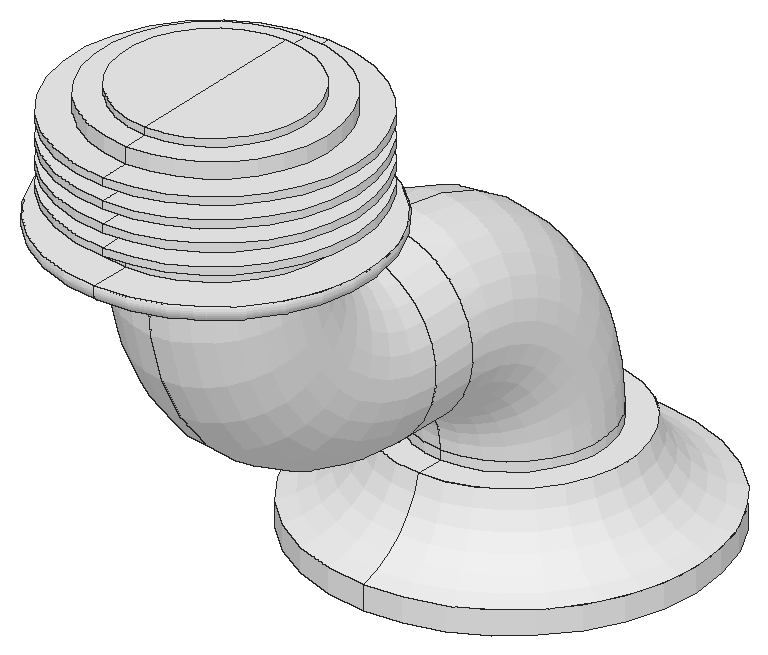
Revit family "Deca_Tubo de Ligação com Anel Expansor _1968.C.KID_Bacia Infantil", category Plumbing Fixtures, host Face, Revit 2010
Parameters (values of type "1968.C.KID_Cromado CR10")
  Válvula = Deca CR10 Cromado Metal
  Vendido Separadamente = ""
  Variações de COR = "Cromado (1968.C.KID); Branco (1968.E.KID.BR)"  # constant formula
  URL = "www.deca.com.br/produtos"
  Segmento = "Competitivo"  # constant formula
  Raio Entrada Agua Fria = 20 mm  # constant formula
  Produto = "Tubo de ligação com anel expansor pra bacia infantil"  # constant formula
  Peso Liquido (Kg) = 0.651
  Norma = "ABNT NBR 10283:2003"  # constant formula
  Model = "Código"  # constant formula
  Material = "Deca_Latão Cromado e Plástico de Engenharia"  # constant formula
  Manufacturer = "Deca"  # constant formula
  Louça/Metais = "Metal"  # constant formula
  Linha = "Tubo de ligação para bacia"  # constant formula
  Informações Complementares = "Possui restritor de  vazão constante 8 L/min."  # constant formula
  HWFU = 0
  Flow Pressure = 0.00 psi
  Diâmetro Entrada Agua Fria = Raio Entrada Agua Fria * 2  # 40 mm
  Description = "Tubo de ligação com anel expansor pra bacia infantil"  # constant formula
  Default Elevation = 250 mm
  Código = "1968.C.KID"
  Criado por = "Contino/quattroD"  # constant formula
  CWFU = 0
  Atendimento ao Cliente = "0800-0117073"  # constant formula
  Assembly Code = "D2020300"
  Aprovado por = "Contino/quattroD"  # constant formula
  Acompanha do Producto = ""
Types (3, lengths in mm): name | Válvula | Código
  (no name) | Deca CR10 Cromado Metal | "1968.C.KID"
  1968.C.KID_Cromado CR10 | Deca CR10 Cromado Metal | "1968.C.KID"
  1968.E.KID.BR_Branco BR16 | Deca BR16  Branco Metal | "1968.E.KID.BR"
Reference planes
  plane 1 "Center (Front/Back)": y = -7.837
  plane 2: z = 0
  plane 3 "Center (Left/Right)": x = 0
  plane 4 "Bottom 1": y = -64.233
  plane 5 "Front 1": z = 59.82
  plane 6 "Top 1": y = 12.163
  plane 7 "Right 1": x = 20
  plane 8 "Left 1": x = -20
Forms (mm)
  Revolve 1, solid, material "Deca CR10 Cromado Metal" <- "Válvula"
    sketch origin (0, 0, 0) x (0, 1, 0) y (0, 0, 1)
      loop
        arc (12.163, 2.5) -> (7.337, 5.174) -> (4.663, 10) r 10
        line (4.663, 10) -> (-7.837, 10) -> (-7.837, 0) -> (12.163, 0) -> (12.163, 2.5)
      axis (-7.837, 10) -> (-7.837, 0)
    angle from 0 to 360
  Sweep 2, solid, material "Deca CR10 Cromado Metal" <- "Válvula"
    path origin (0, 0, 0) x (0, 1, 0) y (0, 0, 1)
      loop
        line (1.681, 10) -> (1.681, 10.996)
        arc (1.681, 10.996) -> (-6.325, 29.592) -> (-25.336, 36.557) r 25.6
        line (-25.336, 36.557) -> (-30.05, 36.557)
        arc (-30.05, 36.557) -> (-35.693, 38.894) -> (-38.03, 44.536) r 7.979
        line (-38.03, 44.536) -> (-38.03, 45.62)
    profile origin (0, 1.681, 10.498) x (0, -1, 0) y (1, 0, 0)
      loop
        circle (9.521, 0) r 9.574
  Revolve 3, solid, material "Deca CR10 Cromado Metal" <- "Válvula"
    sketch origin (0, 0, 0) x (0, 1, 0) y (0, 0, 1)
      loop
        line (-31.442, 47.37) -> (-35.712, 47.37) -> (-35.712, 49.82) -> (-32.587, 49.82) -> (-32.587, 50.62) -> (-35.712, 50.62) -> (-35.712, 52.07) -> (-32.587, 52.07) -> (-32.587, 52.87) -> (-35.712, 52.87) -> (-35.712, 54.32) -> (-32.587, 54.32) -> (-32.587, 55.12) -> (-35.712, 55.12) -> (-35.712, 56.57) -> (-32.587, 56.57) -> (-32.587, 57.37) -> (-35.712, 57.37) -> (-35.712, 59.02) -> (-38.312, 59.02) -> (-38.312, 59.82) -> (-47.837, 59.82) -> (-47.837, 45.62) -> (-32.587, 45.62)
        arc (-32.587, 45.62) -> (-31.541, 46.185) -> (-31.442, 47.37) r 1.25
      axis (-47.837, 45.62) -> (-47.837, 59.82)
    angle from 0 to 360
Cuts and joins
  joined: Revolve 1, Sweep 2, Revolve 3
Lines and regions (mm)
  Masking region 1
    outline origin (0, 0, 0) x (1, 0, 0) y (0, 1, 0)
      loop
        arc (9.525, -25.423) -> (0, 12.163) -> (-9.525, -25.423) r 20
        line (-9.525, -25.423) -> (-9.525, -34.364)
        arc (-9.525, -34.364) -> (0, -64.337) -> (9.525, -34.364) r 16.5
        line (9.525, -34.364) -> (9.525, -25.423)
  Masking region 2
    outline origin (0, -7.837, 0) x (1, 0, 0) y (0, 0, 1)
      loop
        line (-9.525, 59.82) -> (-9.525, 59.02) -> (-12.125, 59.02) -> (-12.125, 57.37) -> (-15.25, 57.37) -> (-15.25, 56.57) -> (-12.125, 56.57) -> (-12.125, 55.12) -> (-15.25, 55.12) -> (-15.25, 54.32) -> (-12.125, 54.32) -> (-12.125, 52.87) -> (-15.25, 52.87) -> (-15.25, 52.07) -> (-12.125, 52.07) -> (-12.125, 50.62) -> (-15.25, 50.62) -> (-15.25, 49.82) -> (-12.125, 49.82) -> (-12.125, 47.37) -> (-16.396, 47.37)
        arc (-16.396, 47.37) -> (-16.296, 46.185) -> (-15.25, 45.62) r 1.25
        line (-15.25, 45.62) -> (-9.525, 45.62) -> (-9.525, 10) -> (-12.5, 10)
        arc (-12.5, 10) -> (-15.174, 5.174) -> (-20, 2.5) r 10
        line (-20, 2.5) -> (-20, 0) -> (20, 0) -> (20, 2.5)
        arc (20, 2.5) -> (15.174, 5.174) -> (12.5, 10) r 10
        line (12.5, 10) -> (9.525, 10) -> (9.525, 45.62) -> (15.25, 45.62)
        arc (15.25, 45.62) -> (16.296, 46.185) -> (16.396, 47.37) r 1.25
        line (16.396, 47.37) -> (12.125, 47.37) -> (12.125, 49.82) -> (15.25, 49.82) -> (15.25, 50.62) -> (12.125, 50.62) -> (12.125, 52.07) -> (15.25, 52.07) -> (15.25, 52.87) -> (12.125, 52.87) -> (12.125, 54.32) -> (15.25, 54.32) -> (15.25, 55.12) -> (12.125, 55.12) -> (12.125, 56.57) -> (15.25, 56.57) -> (15.25, 57.37) -> (12.125, 57.37) -> (12.125, 59.02) -> (9.525, 59.02) -> (9.525, 59.82) -> (-9.525, 59.82)
  Masking region 3
    outline origin (0, 0, 0) x (0, 1, 0) y (0, 0, 1)
      loop
        arc (12.163, 2.5) -> (7.337, 5.174) -> (4.663, 10) r 10
        line (4.663, 10) -> (1.684, 10)
        arc (1.684, 10) -> (-6.392, 28.792) -> (-25.319, 36.545) r 27.025
        line (-25.319, 36.545) -> (-30.337, 36.545)
        arc (-30.337, 36.545) -> (-35.976, 38.881) -> (-38.312, 44.52) r 7.975
        line (-38.312, 44.52) -> (-38.312, 45.62) -> (-32.587, 45.62)
        arc (-32.587, 45.62) -> (-31.541, 46.185) -> (-31.442, 47.37) r 1.25
        line (-31.442, 47.37) -> (-35.712, 47.37) -> (-35.712, 49.82) -> (-32.587, 49.82) -> (-32.587, 50.62) -> (-35.712, 50.62) -> (-35.712, 52.07) -> (-32.587, 52.07) -> (-32.587, 52.87) -> (-35.712, 52.87) -> (-35.712, 54.32) -> (-32.587, 54.32) -> (-32.587, 55.12) -> (-35.712, 55.12) -> (-35.712, 56.57) -> (-32.587, 56.57) -> (-32.587, 57.37) -> (-35.712, 57.37) -> (-35.712, 59.02) -> (-38.312, 59.02) -> (-38.312, 59.82) -> (-57.362, 59.82) -> (-57.362, 59.02) -> (-59.962, 59.02) -> (-59.962, 57.37) -> (-63.087, 57.37) -> (-63.087, 56.57) -> (-59.962, 56.57) -> (-59.962, 55.12) -> (-63.087, 55.12) -> (-63.087, 54.32) -> (-59.962, 54.32) -> (-59.962, 52.87) -> (-63.087, 52.87) -> (-63.087, 52.07) -> (-59.962, 52.07) -> (-59.962, 50.62) -> (-63.087, 50.62) -> (-63.087, 49.82) -> (-59.962, 49.82) -> (-59.962, 47.37) -> (-64.233, 47.37)
        arc (-64.233, 47.37) -> (-64.133, 46.185) -> (-63.087, 45.62) r 1.25
        line (-63.087, 45.62) -> (-57.362, 45.62) -> (-57.362, 44.52)
        arc (-57.362, 44.52) -> (-49.44, 25.404) -> (-30.319, 17.495) r 27.025
        line (-30.319, 17.495) -> (-25.337, 17.495)
        arc (-25.337, 17.495) -> (-19.87, 15.326) -> (-17.377, 10) r 7.975
        line (-17.377, 10) -> (-20.337, 10)
        arc (-20.337, 10) -> (-23.011, 5.174) -> (-27.837, 2.5) r 10
        line (-27.837, 2.5) -> (-27.837, 0) -> (12.163, 0) -> (12.163, 2.5)
  symbolic lines
    curve 1: arc (9.525, -16.045, 0) -> (0, 4.736, 0) -> (-9.525, -16.045, 0) r 12.574
    curve 2: arc (9.525, -11.228, 0) -> (0, 2.273, 0) -> (-9.525, -11.228, 0) r 10.111
    curve 3: arc (9.525, -7.837, 0) -> (0, 1.688, 0) -> (-9.525, -7.837, 0) r 9.525
    curve 4: line (-9.525, -7.837, 0) -> (-9.525, -25.337, 0)
    curve 5: line (9.525, -7.837, 0) -> (9.525, -25.337, 0)
    curve 6: circle (0, -47.837, 0) r 15.25 normal (0, 0, 1)
    curve 7: circle (0, -47.837, 0) r 12.125 normal (0, 0, 1)
    curve 8: circle (0, -47.837, 0) r 10.448 normal (0, 0, 1)
    curve 9: circle (0, -47.837, 0) r 8.525 normal (0, 0, 1)
    curve 10: circle (0, -47.837, 0) r 7.875 normal (0, 0, 1)
    curve 11: arc (-9.525, -34.364, 0) -> (0, -31.442, 0) -> (9.525, -34.364, 0) r 16.983
    curve 12: line (9.525, -7.837, 59.02) -> (-9.525, -7.837, 59.02)
    curve 13: line (15.25, -7.837, 56.87) -> (-15.25, -7.837, 56.87)
    curve 14: line (12.125, -7.837, 57.37) -> (-12.125, -7.837, 57.37)
    curve 15: line (15.25, -7.837, 54.62) -> (-15.25, -7.837, 54.62)
    curve 16: line (12.125, -7.837, 55.12) -> (-12.125, -7.837, 55.12)
    curve 17: line (15.25, -7.837, 52.37) -> (-15.25, -7.837, 52.37)
    curve 18: line (12.125, -7.837, 52.87) -> (-12.125, -7.837, 52.87)
    curve 19: line (15.25, -7.837, 50.12) -> (-15.25, -7.837, 50.12)
    curve 20: line (12.125, -7.837, 50.62) -> (-12.125, -7.837, 50.62)
    curve 21: line (12.125, -7.837, 47.37) -> (-12.125, -7.837, 47.37)
    curve 22: line (16.5, -7.837, 46.87) -> (-16.5, -7.837, 46.87)
    curve 23: line (9.525, -7.837, 45.62) -> (-9.525, -7.837, 45.62)
    curve 24: arc (-9.525, -7.837, 27.02) -> (0, -7.837, 36.545) -> (9.525, -7.837, 27.02) r 9.525
    curve 25: line (9.525, -7.837, 10) -> (-9.525, -7.837, 10)
    curve 26: line (20, -7.837, 2.5) -> (-20, -7.837, 2.5)
    curve 27: line (0, -25.337, 17.495) -> (0, -25.337, 36.545)
    curve 28: line (0, -30.337, 36.545) -> (0, -30.337, 17.495)
    curve 29: line (0, -57.362, 44.52) -> (0, -38.312, 44.52)
    curve 30: line (0, -64.337, 46.87) -> (0, -31.337, 46.87)
    curve 31: line (0, -38.312, 59.02) -> (0, -57.362, 59.02)
    curve 32: line (0, -35.712, 57.37) -> (0, -59.962, 57.37)
    curve 33: line (0, -59.962, 56.57) -> (0, -35.712, 56.57)
    curve 34: line (0, -35.712, 55.12) -> (0, -59.962, 55.12)
    curve 35: line (0, -59.962, 54.32) -> (0, -35.712, 54.32)
    curve 36: line (0, -35.712, 52.87) -> (0, -59.962, 52.87)
    curve 37: line (0, -59.962, 52.07) -> (0, -35.712, 52.07)
    curve 38: line (0, -35.712, 50.62) -> (0, -59.962, 50.62)
    curve 39: line (0, -59.962, 49.82) -> (0, -35.712, 49.82)
    curve 40: line (0, -35.712, 47.37) -> (0, -59.962, 47.37)
    curve 41: line (0, -38.312, 45.62) -> (0, -57.362, 45.62)
    curve 42: line (0, 1.734, 10) -> (0, -17.377, 10)
    curve 43: line (0, 12.163, 2.5) -> (0, -27.837, 2.5)
Dimensions and locks
  plane 5 "Front 1" to host face = 59.82 mm
  host face to plane 5 "Front 1" = 59.82 mm
  plane 4 "Bottom 1" to plane 6 "Top 1" = 76.396 mm  (x2)
  plane 8 "Left 1" to plane 7 "Right 1" = 40 mm  (x2)
  aligned and locked: host face to plane 2
  aligned and locked: level to host face
Connectors
  piping at (0, -7.837, 0), driven by "Raio Entrada Agua Fria", driven by "Flow Pressure", driven by "CWFU"
    settings: on cut or joined group of Revolve 1, Sweep 2, Revolve 3, index 1, connector radius 0.7874", flow factor 0, pipe flow 0 GPM, pressure drop 0.00 psi, fitting loss kfactor 0, connector angle 0.00°, fixture units 0, engagement length 0 mm, flow configuration 3, flow direction 2, fitting loss method 4, system type 20, joint type 0, gender type 0, connector reference index -1, connector utility 0, adjustable connector no, is connector primary yes, fitting loss table "", connector description ""
